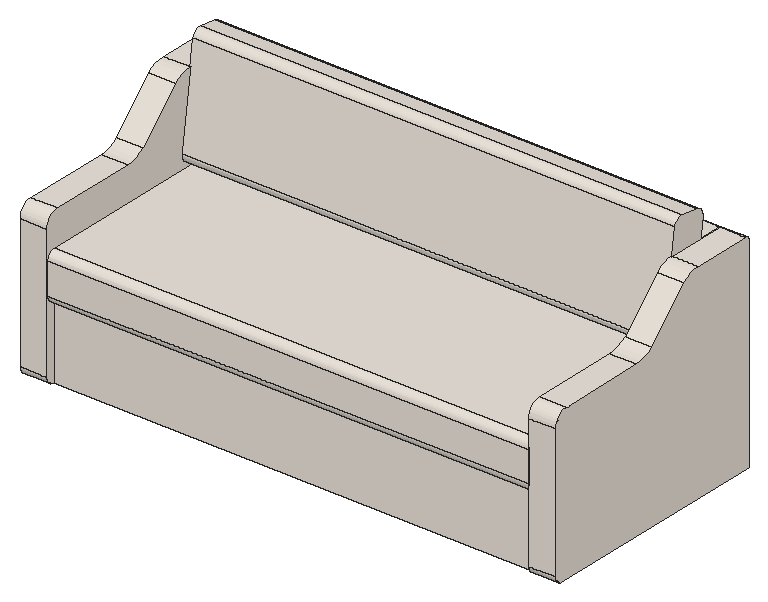
Revit family "Диван", category Мебель, Revit 2019
Family settings
  Номер OmniClass = 23.40.20.00
  Заголовок OmniClass = General Furniture and Specialties
  На основе рабочей плоскости = Нет
  Всегда вертикально = Да
  При загрузке вырезать с полостями = Нет
  Общий = Нет
  Точка расчета площади = Нет
Parameters
  Материал диван [instance] = Материал диван
  Изготовитель = "Литвинчук Артур"
  Длина без билець [instance] = Длина с быльцами - 200 mm  # 1800 mm
  Длина с быльцами [instance] = 2000 mm
  Глубина [instance] = 900 mm
  Высота до верха сиденья [instance] = 450 mm
  Быльца [instance] = yes
  URL = "lytvynchukartur@gmail.com"
Reference planes
  plane 1 "По центру (Вперед/Назад)": y = 0
  plane 2: z = 0
  plane 3 "По центру (Влево/Вправо)": x = 0
  plane 4: x = 2000
  plane 5: y = -900
  plane 6: x = 1900
  plane 7: x = 100
  plane 8: y = -100
  plane 9: z = 775
  plane 10: z = 450
  plane 11: z = 275
  plane 12: y = -870
  plane 13: x = 100
  plane 14: x = 1900
  plane 15: z = 575
  plane 16: y = -520.121
Forms (mm)
  Extrusion 1, solid, material "Материал диван" <- "Материал диван"
    sketch origin (0, 0, 0) x (1, 0, 0) y (0, 1, 0)
      loop
        line (100, -870) -> (1900, -870) -> (1900, -100) -> (100, -100) -> (100, -870)
    from 0 to 275
  Extrusion 2, solid, material "Материал диван" <- "Материал диван"
    sketch origin (0, 0, 0) x (0, 1, 0) y (0, 0, 1)
      loop
        line (-100, 275) -> (-100, 450) -> (-870, 450)
        arc (-870, 450) -> (-891.213, 441.213) -> (-900, 420) r 30
        line (-900, 420) -> (-900, 305)
        arc (-900, 305) -> (-891.213, 283.787) -> (-870, 275) r 30
        line (-870, 275) -> (-100, 275)
    from 100 to 1900
  Extrusion 3, solid, material "Материал диван" <- "Материал диван"
    sketch origin (0, -638.456, 39.346) x (0, -0.147809, -0.989016) y (0, 0.989016, -0.147809)
      loop
        arc (-512.996, 293.805) -> (-491.783, 302.592) -> (-482.996, 323.805) r 30
        line (-482.996, 323.805) -> (-482.996, 393.805)
        arc (-482.996, 393.805) -> (-491.783, 415.018) -> (-512.996, 423.805) r 30
        line (-512.996, 423.805) -> (-879.709, 423.805)
        arc (-879.709, 423.805) -> (-900.922, 415.018) -> (-909.709, 393.805) r 30
        line (-909.709, 393.805) -> (-909.709, 323.805)
        arc (-909.709, 323.805) -> (-900.922, 302.592) -> (-879.709, 293.805) r 30
        line (-879.709, 293.805) -> (-512.996, 293.805)
    from 100 to 1900
  Extrusion 4, solid, material "Материал диван" <- "Материал диван"
    sketch origin (0, 0, 0) x (0, 1, 0) y (0, 0, 1)
      loop
        line (-100, 0) -> (0, 0) -> (0, 765)
        arc (0, 765) -> (-2.929, 772.071) -> (-10, 775) r 10
        line (-10, 775) -> (-90, 775)
        arc (-90, 775) -> (-97.071, 772.071) -> (-100, 765) r 10
        line (-100, 765) -> (-100, 0)
    from 100 to 1900
  Extrusion 5, solid, material "Материал диван" <- "Материал диван", visible <- "Быльца"
    sketch origin (0, 0, 0) x (0, 1, 0) y (0, 0, 1)
      loop
        line (-520.121, 0) -> (0, 0) -> (0, 765)
        arc (0, 765) -> (-2.929, 772.071) -> (-10, 775) r 10
        line (-10, 775) -> (-230, 775)
        arc (-230, 775) -> (-267.109, 768.818) -> (-299.79, 750.185) r 107.088
        line (-299.79, 750.185) -> (-449.182, 600.685)
        arc (-449.182, 600.685) -> (-482.398, 581.619) -> (-520.121, 575) r 110.807
        line (-520.121, 575) -> (-520.121, 0)
    from 1900 to 2000
  Extrusion 6, solid, material "Материал диван" <- "Материал диван", visible <- "Быльца"
    sketch origin (0, 0, 0) x (0, 1, 0) y (0, 0, 1)
      loop
        line (-520.121, 0) -> (0, 0) -> (0, 765)
        arc (0, 765) -> (-2.929, 772.071) -> (-10, 775) r 10
        line (-10, 775) -> (-230, 775)
        arc (-230, 775) -> (-267.109, 768.818) -> (-299.79, 750.185) r 107.088
        line (-299.79, 750.185) -> (-449.182, 600.685)
        arc (-449.182, 600.685) -> (-482.398, 581.619) -> (-520.121, 575) r 110.807
        line (-520.121, 575) -> (-520.121, 0)
    from 0 to 100
  Extrusion 7, solid, material "Материал диван" <- "Материал диван", visible <- "Быльца"
    sketch origin (0, 0, 0) x (0, 1, 0) y (0, 0, 1)
      loop
        line (-870, 0) -> (-520.121, 0) -> (-520.121, 575) -> (-850, 575)
        arc (-850, 575) -> (-885.355, 560.355) -> (-900, 525) r 50
        line (-900, 525) -> (-900, 30)
        arc (-900, 30) -> (-891.213, 8.787) -> (-870, 0) r 30
    from 0 to 100
  Extrusion 8, solid, material "Материал диван" <- "Материал диван", visible <- "Быльца"
    sketch origin (0, 0, 0) x (0, 1, 0) y (0, 0, 1)
      loop
        line (-870, 0) -> (-520.121, 0) -> (-520.121, 575) -> (-850, 575)
        arc (-850, 575) -> (-885.355, 560.355) -> (-900, 525) r 50
        line (-900, 525) -> (-900, 30)
        arc (-900, 30) -> (-891.213, 8.787) -> (-870, 0) r 30
    from 1900 to 2000
Cuts and joins
  joined: Extrusion 6, Extrusion 7
  joined: Extrusion 5, Extrusion 8
Dimensions and locks
  "Глубина": plane 1 "По центру (Вперед/Назад)" to plane 5
  "Длина с быльцами": plane 3 "По центру (Влево/Вправо)" to plane 4
  locked: plane 3 "По центру (Влево/Вправо)" to plane 7 at 100
  locked: plane 6 to plane 4 at 100
  locked: plane 1 "По центру (Вперед/Назад)" to plane 8 at 100
  locked: plane 12 to plane 5 at 30
  "Высота до верха сиденья": plane 10 to level
  plane 9 to plane 10 to plane 11 = 325 mm locked, 175 mm locked
  plane 7 to plane 6 = 1800 mm
  "Длина без билець": plane 13 to plane 14
  locked: plane 15 to plane 10 at 125
  locked: plane 16 to plane 1 "По центру (Вперед/Назад)" at 520.121
  aligned and locked: level to plane 2
  aligned and locked: plane 8 to Extrusion 1 sketch curve
  aligned and locked: plane 6 to Extrusion 1 sketch curve
  aligned and locked: Extrusion 1 sketch curve to plane 7
  aligned and locked: Extrusion 1 to plane 12
  aligned and locked: Extrusion 2 to plane 7
  aligned and locked: plane 6 to Extrusion 2
  aligned and locked: plane 11 to Extrusion 1
  aligned and locked: plane 6 to Extrusion 3
  aligned and locked: plane 2 to Extrusion 4 sketch curve
  aligned and locked: plane 1 "По центру (Вперед/Назад)" to Extrusion 4 sketch curve
  aligned and locked: plane 8 to Extrusion 4 sketch curve
  aligned and locked: plane 9 to Extrusion 4 sketch curve
  aligned and locked: Extrusion 4 to plane 7
  aligned and locked: plane 6 to Extrusion 4
  aligned and locked: plane 4 to Extrusion 5
  aligned and locked: Extrusion 5 to plane 6
  aligned and locked: Extrusion 6 to plane 3 "По центру (Влево/Вправо)"
  aligned and locked: plane 7 to Extrusion 6
  aligned and locked: Extrusion 7 to plane 3 "По центру (Влево/Вправо)"
  aligned and locked: plane 7 to Extrusion 7
  aligned and locked: Extrusion 7 sketch curve to plane 16
  aligned and locked: plane 4 to Extrusion 8
  aligned and locked: Extrusion 8 to plane 6
  aligned and locked: Extrusion 8 sketch curve to plane 16
Automatic sketch dimensions
  Extrusion 1 sketch curve to plane 12 = 0 mm
  Extrusion 2 sketch curve to plane 5 = 0 mm
  Extrusion 2 sketch curve to plane 12 = 0 mm  (x2)
  Extrusion 2 sketch curve to plane 11 = 0 mm
  Extrusion 2 sketch curve to plane 8 = 0 mm
  Extrusion 2 sketch curve to plane 10 = 0 mm
  Extrusion 3 sketch curve to plane 8 = 83.744 mm
  plane 9 to Extrusion 3 sketch curve = 116.201 mm
  Extrusion 3 sketch curve to Extrusion 3 sketch curve = 30 mm  (x3)
  Extrusion 3 sketch curve to Extrusion 3 sketch curve = 366.712 mm
  Extrusion 3 sketch curve to Extrusion 3 sketch curve = 0 mm
  Extrusion 3 sketch curve to Extrusion 3 sketch curve = 70 mm
  Extrusion 4 sketch curve to Extrusion 4 sketch curve = 10 mm
  plane 1 "По центру (Вперед/Назад)" to Extrusion 4 sketch curve = 10 mm
  Extrusion 5 sketch curve to level = 0 mm
  Extrusion 5 sketch curve to plane 16 = 0 mm
  Extrusion 5 sketch curve to plane 9 = 0 mm
  Extrusion 5 sketch curve to plane 1 "По центру (Вперед/Назад)" = 0 mm
  Extrusion 5 sketch curve to plane 15 = 0 mm
  plane 15 to Extrusion 5 sketch curve = 25.685 mm
  Extrusion 5 sketch curve to Extrusion 5 sketch curve = 70.939 mm
  Extrusion 5 sketch curve to plane 9 = 24.815 mm
  Extrusion 5 sketch curve to plane 8 = 199.79 mm
  plane 15 to Extrusion 5 sketch curve = 92.919 mm
  Extrusion 5 sketch curve to Extrusion 5 sketch curve = 68.558 mm
  plane 1 "По центру (Вперед/Назад)" to Extrusion 5 sketch curve = 10 mm
  Extrusion 6 sketch curve to level = 0 mm
  Extrusion 6 sketch curve to plane 16 = 0 mm
  Extrusion 6 sketch curve to plane 9 = 0 mm
  Extrusion 6 sketch curve to plane 1 "По центру (Вперед/Назад)" = 0 mm
  Extrusion 6 sketch curve to plane 15 = 0 mm
  plane 15 to Extrusion 6 sketch curve = 25.685 mm
  Extrusion 6 sketch curve to Extrusion 6 sketch curve = 70.939 mm
  Extrusion 6 sketch curve to plane 9 = 24.815 mm
  Extrusion 6 sketch curve to plane 8 = 199.79 mm
  plane 15 to Extrusion 6 sketch curve = 92.919 mm
  Extrusion 6 sketch curve to Extrusion 6 sketch curve = 68.558 mm
  plane 1 "По центру (Вперед/Назад)" to Extrusion 6 sketch curve = 10 mm
  Extrusion 7 sketch curve to plane 5 = 0 mm
  Extrusion 7 sketch curve to plane 12 = 0 mm
  Extrusion 7 sketch curve to plane 15 = 0 mm
  Extrusion 7 sketch curve to level = 0 mm
  plane 12 to Extrusion 7 sketch curve = 20 mm
  Extrusion 8 sketch curve to plane 5 = 0 mm
  Extrusion 8 sketch curve to plane 12 = 0 mm
  Extrusion 8 sketch curve to plane 15 = 0 mm
  Extrusion 8 sketch curve to level = 0 mm
  plane 12 to Extrusion 8 sketch curve = 20 mm
